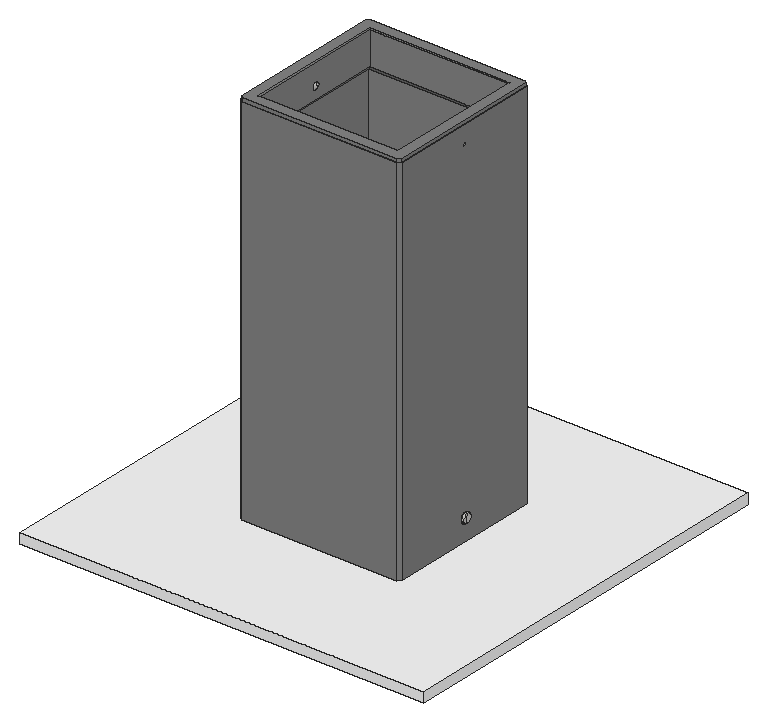
Revit family "BE_84000_de_DE", category Leuchten, Revit 2015
Parameters (values of type "BEGA_84000_Grafit")
  Default Elevation = 0 mm
  Umgebungstemperatur = ""
  URL = "http://www.bega.de/produkt/84000"
  Typenkommentare = "© 2017 BEGA. Wir behalten uns das Recht vor, technische Änderungen ohne vorherige Ankündigung vorzunehmen."  # constant formula
  Typenbild = 84000.png
  Sonderanfertigung = no
  Seriennummer [instance] = "Hier können Sie die eindeutige Seriennummer für das Facility Management eintragen."
  Schutzklasse = ""
  Schutzart = ""
  Scheinlast = 0 VA
  Produktdatenblatt = "http://www.bega.de/download/Xrfa/db/84000.db.de.pdf"
  Oberflächentemperatur = ""
  Modell = "84000"
  Material_18 = BEGA_Gummi_schwarz
  Material_17 = BEGA_Reflektor
  Material_11 = BEGA_Glas_opal
  Material_09 = BEGA_Glas_klar
  Material_06 = BEGA_Oberfläche_Edelstahl_gebürstet
  Material_03 = BEGA_Oberfläche_Weiss_matt
  Material_02 = BEGA_Oberfläche_Silber_matt
  Material_01 [instance] = BEGA_Oberfläche_Grafit_matt
  M_W = no
  M_G = yes
  M_A = no
  Logo = 0
  Leuchtenanzahl = ""
  Lastklassifizierung = Beleuchtung
  Hersteller = "BEGA"  # constant formula
  Halbstreuwinkel = ""
  Gewicht = "3.15 kg"
  Gebrauchslageneinschränkung [instance] = ""
  Erdstück = no
  Energieeffizienzklasse = ""
  ENEC = ""
  Dimmbar [instance] = ""
  CE_Konformität = "ja"
  Bestellnummer_Erdstück = if(Erdstück, "70895", "---")  # "---"
  Bestellnummer = "84000"
  Beschreibung_Sonderanfertigung = "Hier können Sie Informationen zur Sonderanfertigung eintragen."
  Beschreibung = "Pollerleuchtenrohr"
  Befestigungsbohrung = ""
  Befestigungsabstand = ""
  Ballwurfsicher = ""
  BEGA_Intern_aus = yes
  BEGA_Intern_an = yes
  BEGA_Intern_Konstruktion = yes
  BEGA_Intern = yes
  BEGA_IES = yes
  BEGA_Dummy = no
  Aktualisierung = "2017-01-27T04:13:58"
Types (2, lengths in mm): name | Modell | M_G | M_A | Bestellnummer
  BEGA_84000_Grafit | "84000" | yes | no | "84000"
  BEGA_84000_Silber | "84000A" | no | yes | "84000A"
Reference planes
  plane 1 "Mitte (Vorne/Hinten)": y = 0
  plane 2: z = 0
  plane 3 "Mitte (Links/Rechts)": x = 0
  plane 4 "Links": x = -80
  plane 5 "Rechts": x = 80
  plane 6 "Unten": y = -80
  plane 7 "Oben": y = 80
  plane 8 "Vorne": z = 375.25
  plane 9 "Hinten": z = 0
Forms (mm)
  Extrusion 1, solid, material "BEGA_Platte_Weiss"
    sketch origin (0, -1119.2, 0) x (1, 0, 0) y (0, 1, 0)
      loop
        line (-200, 1319.2) -> (-200, 919.2) -> (200, 919.2) -> (200, 1319.2) -> (-200, 1319.2)
    from 0 to -10
  Extrusion 2, solid, material "BEGA_Dummy_matt", visible <- "BEGA_Dummy"
    sketch origin (80.095, -76.023, 0) x (1, 0, 0) y (0, 1, 0)
      loop
        line (-160.095, 156.023) -> (-160.095, -3.977) -> (-0.095, -3.977) -> (-0.095, 156.023) -> (-160.095, 156.023)
    from 0 to 375.25
Dimensions and locks
  plane 1 "Mitte (Vorne/Hinten)" to Extrusion 1 = 200 mm
  aligned and locked: plane 2 to Extrusion 1
  aligned and locked: level to Extrusion 1
Nested families
  nested 1: "BE_84000_Pollerrohr" at (0, 0, 0), type "BE_84000_Pollerrohr"
Connectors
  electrical at (0, 0, 0), driven by "Lastklassifizierung", driven by "Scheinlast"
    settings: index 1, voltage 0 V, apparent load 0 VA, apparent load phase1 0 VA, apparent load phase2 0 VA, apparent load phase3 0 VA, power factor 1, load classification "Beleuchtung", number of poles 1, system type 31, power factor state 1, is connector primary yes, connector utility no, sub classification motor no, connector description ""
Definition of nested family "BE_84000_Pollerrohr"
  Parameters (values of type "BE_84000_Pollerrohr")
    Default Elevation = 1 mm
    URL = "http://www.bega.de/de/produkt"
    Type Comments = "© 2015 BEGA. Wir behalten uns das Recht vor, technische Änderungen ohne vorherige Ankündigung vorzunehmen. "  # constant formula
    Type Image = (empty or 0)
    Material_18 = none
    Material_17 = none
    Material_15 = none
    Material_11 = none
    Material_09 = none
    Material_06 = none
    Material_03 = none
    Material_02 = none
    Material_01 = none
    M_W = yes
    M_G = yes
    M_A = yes
    Länge_Platte = 200 mm  # constant formula
    Höhe_Platte = -10 mm  # constant formula
    Manufacturer = "BEGA"  # constant formula
    Breite_Platte = 200 mm  # constant formula
  Reference planes
    plane 1 "Mitte (Oben/Unten)": y = 0
    plane 2: z = 0
    plane 3 "Mitte (Links/Rechts)": x = 0
    plane 4: x = -80
    plane 5: z = 375.25
    plane 6: x = 80
    plane 7: y = -80
    plane 8: y = 80
  Forms (mm)
    Extrusion 1, solid, detail levels medium
      sketch origin (0, 0, 0) x (1, 0, 0) y (0, 1, 0)
        loop
          line (-100, 100) -> (-100, -100) -> (100, -100) -> (100, 100) -> (-100, 100)
      from 0 to -10 <- "Höhe_Platte"
    Sweep 2, solid, material <- "Material_01", visible <- "M_G", detail levels medium+fine
      path origin (0, 0, 0) x (1, 0, 0) y (0, 1, 0)
        loop
          line (-80, -80) -> (80, -80) -> (80, 80) -> (-80, 80) -> (-80, -80)
      profile origin (-80, 0, 0) x (-1, 0, 0) y (0, 0, 1)
        loop
          line (0, 2.25) -> (0, 372.25) -> (-2.5, 372.25) -> (-2.5, 2.25) -> (0, 2.25)
    Revolve 3, solid, material <- "Material_01", visible <- "M_G", detail levels medium+fine
      sketch origin (0, 0, 0) x (1, 0, 0) y (0, 0, 1)
        loop
          line (-76, 0) -> (0, 0) -> (0, 5.5) -> (-76, 5.5) -> (-76, 0)
        axis (0, 5.5) -> (0, 0)
      angle from 0 to 360
    Extrusion 4, void
      sketch origin (0, 0, 0) x (1, 0, 0) y (0, 1, 0)
        loop
          arc (37.007, 10.621) -> (32.676, 13.011) -> (30.28, 8.683) r 3.5
          arc (30.28, 8.683) -> (31.501, 0.001) -> (30.281, -8.682) r 31.5
          arc (30.281, -8.682) -> (32.683, -13.012) -> (37.011, -10.606) r 3.5
          arc (37.011, -10.606) -> (38.501, 0.008) -> (37.007, 10.621) r 38.5
        loop
          arc (-7.62, 30.564) -> (-5.071, 34.807) -> (-9.314, 37.357) r 3.5
          arc (-9.314, 37.357) -> (-19.25, 33.342) -> (-27.694, 26.744) r 38.5
          arc (-27.694, 26.744) -> (-27.608, 21.795) -> (-22.659, 21.882) r 3.5
          arc (-22.659, 21.882) -> (-15.75, 27.28) -> (-7.62, 30.564) r 31.5
        loop
          arc (-22.655, -21.885) -> (-27.603, -21.791) -> (-27.698, -26.739) r 3.5
          arc (-27.698, -26.739) -> (-19.247, -33.343) -> (-9.301, -37.359) r 38.5
          arc (-9.301, -37.359) -> (-5.069, -34.801) -> (-7.619, -30.564) r 3.5
          arc (-7.619, -30.564) -> (-15.747, -27.281) -> (-22.655, -21.885) r 31.5
        loop
          arc (-52.386, 15.021) -> (-54.497, 0.004) -> (-52.388, -15.014) r 54.493
          arc (-52.388, -15.014) -> (-46.83, -18.105) -> (-43.744, -12.544) r 4.495
          arc (-43.744, -12.544) -> (-45.507, -0.001) -> (-43.745, 12.543) r 45.516
          arc (-43.745, 12.543) -> (-46.826, 18.102) -> (-52.386, 15.021) r 4.495
        loop
          arc (32.736, 31.613) -> (39.091, 31.504) -> (39.201, 37.859) r 4.495
          arc (39.201, 37.859) -> (27.254, 47.193) -> (13.199, 52.875) r 54.493
          arc (13.199, 52.875) -> (7.738, 49.612) -> (11.01, 44.157) r 4.494
          arc (11.01, 44.157) -> (22.754, 39.411) -> (32.736, 31.613) r 45.516
        loop
          arc (11.011, -44.156) -> (7.737, -49.605) -> (13.186, -52.878) r 4.495
          arc (13.186, -52.878) -> (27.246, -47.198) -> (39.197, -37.863) r 54.493
          arc (39.197, -37.863) -> (39.096, -31.505) -> (32.737, -31.612) r 4.495
          arc (32.737, -31.612) -> (22.755, -39.411) -> (11.011, -44.156) r 45.516
      from 0 to 8.204
    Extrusion 5, solid, material <- "Material_01", visible <- "M_G", detail levels medium+fine
      sketch origin (0, 0, 0) x (1, 0, 0) y (0, 1, 0)
        loop
          line (-77.5, -77.5) -> (77.5, -77.5) -> (77.5, 77.5) -> (-77.5, 77.5) -> (-77.5, -77.5)
        loop
          circle (0, 0) r 76
      from 5.5 to 10
    Extrusion 6, void
      sketch origin (0, 0, 0) x (1, 0, 0) y (0, 1, 0)
        loop
          line (80.489, 80.398) -> (76.42, 80.398) -> (80.489, 76.329) -> (80.489, 80.398)
        loop
          line (-80.489, 80.398) -> (-80.489, 76.329) -> (-76.42, 80.398) -> (-80.489, 80.398)
        loop
          line (80.489, -80.398) -> (80.489, -76.329) -> (76.42, -80.398) -> (80.489, -80.398)
        loop
          line (-80.489, -80.398) -> (-76.42, -80.398) -> (-80.489, -76.329) -> (-80.489, -80.398)
      from 0 to 380
    Sweep 7, solid, material <- "Material_01", visible <- "M_G", detail levels medium+fine
      path origin (0, 0, 0) x (1, 0, 0) y (0, 1, 0)
        loop
          line (-80, 80) -> (-80, -80) -> (80, -80) -> (80, 80) -> (-80, 80)
      profile origin (-80, 0, 0) x (1, 0, 0) y (0, 0, 1)
        loop
          line (1, 372.25) -> (2.75, 372.25) -> (2.75, 335.75) -> (6.5, 335.75) -> (12.681, 341.931) -> (11.567, 373.82)
          arc (11.567, 373.82) -> (11.377, 374.605) -> (10.892, 375.25) r 2
          line (10.892, 375.25) -> (1, 375.25) -> (1, 372.25)
    Extrusion 8, void
      sketch origin (0, 0, 0) x (1, 0, 0) y (0, 1, 0)
        loop
          line (-76.464, 79) -> (-79, 79) -> (-79, 76.464) -> (-76.464, 79)
        loop
          line (76.464, 79) -> (79, 76.464) -> (79, 79) -> (76.464, 79)
        loop
          line (-76.464, -79) -> (-79, -76.464) -> (-79, -79) -> (-76.464, -79)
        loop
          line (76.464, -79) -> (79, -79) -> (79, -76.464) -> (76.464, -79)
      from 372.25 to 380
    Revolve 9, void
      sketch origin (0, 0, 0) x (1, 0, 0) y (0, 0, 1)
        loop
          line (73.928, 29.5) -> (73.928, 24.25) -> (80.728, 24.25) -> (80.728, 29.5) -> (73.928, 29.5)
        axis (73.928, 24.25) -> (80.728, 24.25)
      angle from 0 to 360
    Revolve 10, solid, material <- "Material_06", detail levels fine
      sketch origin (0, 0, 0) x (1, 0, 0) y (0, 0, 1)
        loop
          line (81.58, 29.25) -> (73.265, 29.25) -> (73.265, 24.25) -> (82.5, 24.25) -> (82.5, 28.33) -> (81.58, 29.25)
        axis (73.265, 24.25) -> (82.5, 24.25)
      angle from 0 to 360
    Revolve 11, void
      sketch origin (0, 0, 0) x (1, 0, 0) y (0, 0, 1)
        loop
          line (80.356, 356.75) -> (72.651, 356.75) -> (72.651, 354.75) -> (80.356, 354.75) -> (80.356, 356.75)
        axis (72.651, 354.75) -> (80.356, 354.75)
      angle from 0 to 360
    Revolve 12, void
      sketch origin (0, 0, 0) x (-1, 0, 0) y (0, 0, 1)
        loop
          line (80.356, 356.75) -> (72.929, 356.75) -> (72.929, 354.75) -> (80.356, 354.75) -> (80.356, 356.75)
        axis (72.929, 354.75) -> (80.356, 354.75)
      angle from 0 to 360
    Revolve 13, solid, material <- "Material_02", visible <- "M_A", detail levels medium+fine
      sketch origin (0, 0, 0) x (1, 0, 0) y (0, 0, 1)
        loop
          line (-76, 0) -> (0, 0) -> (0, 5.5) -> (-76, 5.5) -> (-76, 0)
        axis (0, 5.5) -> (0, 0)
      angle from 0 to 360
    Extrusion 14, solid, material <- "Material_02", visible <- "M_A", detail levels medium+fine
      sketch origin (0, 0, 0) x (1, 0, 0) y (0, 1, 0)
        loop
          line (-77.5, -77.5) -> (77.5, -77.5) -> (77.5, 77.5) -> (-77.5, 77.5) -> (-77.5, -77.5)
        loop
          circle (0, 0) r 76
      from 5.5 to 10
    Sweep 15, solid, material <- "Material_02", visible <- "M_A", detail levels medium+fine
      path origin (0, 0, 0) x (1, 0, 0) y (0, 1, 0)
        loop
          line (-80, -80) -> (80, -80) -> (80, 80) -> (-80, 80) -> (-80, -80)
      profile origin (-80, 0, 0) x (-1, 0, 0) y (0, 0, 1)
        loop
          line (0, 2.25) -> (0, 372.25) -> (-2.5, 372.25) -> (-2.5, 2.25) -> (0, 2.25)
    Sweep 16, solid, material <- "Material_02", visible <- "M_A", detail levels medium+fine
      path origin (0, 0, 0) x (1, 0, 0) y (0, 1, 0)
        loop
          line (-80, 80) -> (-80, -80) -> (80, -80) -> (80, 80) -> (-80, 80)
      profile origin (-80, 0, 0) x (1, 0, 0) y (0, 0, 1)
        loop
          line (1, 372.25) -> (2.75, 372.25) -> (2.75, 335.75) -> (6.5, 335.75) -> (12.681, 341.931) -> (11.567, 373.82)
          arc (11.567, 373.82) -> (11.377, 374.605) -> (10.892, 375.25) r 2
          line (10.892, 375.25) -> (1, 375.25) -> (1, 372.25)
    Revolve 17, solid, material <- "Material_06", detail levels fine
      sketch origin (0, 0, 0) x (1, 0, 0) y (0, 0, 1)
        loop
          line (-65.461, 354.75) -> (-67.28, 357.9) -> (-75.75, 357.9) -> (-75.75, 354.75) -> (-65.461, 354.75)
        axis (-75.75, 354.75) -> (-65.461, 354.75)
      angle from 0 to 360
    Revolve 18, solid, material <- "Material_06", detail levels fine
      sketch origin (0, 0, 0) x (-1, 0, 0) y (0, 0, 1)
        loop
          line (-65.461, 354.75) -> (-67.28, 357.9) -> (-75.75, 357.9) -> (-75.75, 354.75) -> (-65.461, 354.75)
        axis (-75.75, 354.75) -> (-65.461, 354.75)
      angle from 0 to 360
  Cuts and joins
    Extrusion 4 cuts Revolve 3
    joined: Revolve 3, Extrusion 5
    Extrusion 6, Extrusion 8, Revolve 9, Revolve 11, Revolve 12 cuts Sweep 2
    Extrusion 8, Revolve 9, Revolve 11, Revolve 12 cuts Sweep 7
    joined: Sweep 2, Sweep 7
    Extrusion 4 cuts Revolve 13
    joined: Revolve 13, Extrusion 14
    Extrusion 6, Revolve 9, Revolve 11, Revolve 12 cuts Sweep 15
    Extrusion 8, Revolve 11, Revolve 12 cuts Sweep 16
    joined: Sweep 15, Sweep 16
  Dimensions and locks
    equal spacing: Extrusion 1 sketch curve, plane 3 "Mitte (Links/Rechts)", Extrusion 1 sketch curve
    equal spacing: Extrusion 1 sketch curve, plane 1 "Mitte (Oben/Unten)", Extrusion 1 sketch curve
    "Länge_Platte": Extrusion 1 sketch curve to Extrusion 1 sketch curve
    "Breite_Platte": Extrusion 1 sketch curve to Extrusion 1 sketch curve
    aligned and locked: Extrusion 1 to plane 2
    aligned and locked: level to Extrusion 1
  Automatic sketch dimensions
    Sweep 2 sketch curve to plane 4 = 0 mm
    Sweep 2 sketch curve to plane 6 = 0 mm
    Sweep 2 sketch curve to plane 7 = 0 mm
    plane 8 to Sweep 2 sketch curve = 0 mm
    Sweep 2 sketch curve to profile plane = 0 mm
    Sweep 2 sketch curve to Sweep 2 sketch curve = 2.5 mm
    level to Sweep 2 sketch curve = 2.25 mm
    Sweep 2 sketch curve to Sweep 2 sketch curve = 370 mm
    Revolve 3 sketch curve to level = 0 mm  (x2)
    Revolve 3 sketch curve to plane 3 "Mitte (Links/Rechts)" = 0 mm  (x2)
    plane 4 to Revolve 3 sketch curve = 4 mm
    Revolve 3 sketch curve to Revolve 3 sketch curve = 5.5 mm
    Revolve 3 sketch curve to Revolve 3 sketch curve = 0 mm
    Extrusion 4 sketch curve to plane 1 "Mitte (Oben/Unten)" = 13.782 mm
    plane 4 to Extrusion 4 sketch curve = 31.935 mm
    Extrusion 4 sketch curve to Extrusion 4 sketch curve = 0 mm  (x34)
    Extrusion 4 sketch curve to plane 3 "Mitte (Links/Rechts)" = 25.177 mm
    Extrusion 4 sketch curve to plane 3 "Mitte (Links/Rechts)" = 25.176 mm
    Extrusion 4 sketch curve to plane 3 "Mitte (Links/Rechts)" = 8.467 mm
    Extrusion 4 sketch curve to plane 3 "Mitte (Links/Rechts)" = 8.466 mm
    Extrusion 4 sketch curve to plane 1 "Mitte (Oben/Unten)" = 0 mm  (x3)
    Extrusion 4 sketch curve to plane 3 "Mitte (Links/Rechts)" = 0.004 mm
    Extrusion 4 sketch curve to plane 3 "Mitte (Links/Rechts)" = 0.003 mm  (x2)
    plane 3 "Mitte (Links/Rechts)" to Extrusion 4 sketch curve = 0.001 mm
    plane 3 "Mitte (Links/Rechts)" to Extrusion 4 sketch curve = 0.003 mm
    plane 3 "Mitte (Links/Rechts)" to Extrusion 4 sketch curve = 0.004 mm
    Extrusion 4 sketch curve to Extrusion 4 sketch curve = 0.005 mm
    plane 3 "Mitte (Links/Rechts)" to Extrusion 4 sketch curve = 12.097 mm
    plane 3 "Mitte (Links/Rechts)" to Extrusion 4 sketch curve = 12.098 mm
    Extrusion 4 sketch curve to plane 1 "Mitte (Oben/Unten)" = 9.648 mm
    plane 3 "Mitte (Links/Rechts)" to Extrusion 4 sketch curve = 33.645 mm
    plane 1 "Mitte (Oben/Unten)" to Extrusion 4 sketch curve = 9.647 mm
    Extrusion 4 sketch curve to Extrusion 4 sketch curve = 2.324 mm
    Extrusion 4 sketch curve to Extrusion 4 sketch curve = 2.325 mm
    plane 1 "Mitte (Oben/Unten)" to Extrusion 4 sketch curve = 13.783 mm
    plane 1 "Mitte (Oben/Unten)" to Extrusion 4 sketch curve = 24.313 mm
    Extrusion 4 sketch curve to Extrusion 4 sketch curve = 9.647 mm
    Extrusion 4 sketch curve to Extrusion 4 sketch curve = 25.088 mm  (x2)
    Extrusion 4 sketch curve to Extrusion 4 sketch curve = 14.557 mm  (x2)
    plane 1 "Mitte (Oben/Unten)" to Extrusion 4 sketch curve = 0.007 mm
    plane 1 "Mitte (Oben/Unten)" to Extrusion 4 sketch curve = 0.004 mm
    Extrusion 4 sketch curve to plane 1 "Mitte (Oben/Unten)" = 0.003 mm
    Extrusion 4 sketch curve to Extrusion 4 sketch curve = 0.007 mm
    Extrusion 4 sketch curve to plane 1 "Mitte (Oben/Unten)" = 24.313 mm
    Extrusion 4 sketch curve to Extrusion 4 sketch curve = 9.648 mm
    Extrusion 4 sketch curve to Extrusion 4 sketch curve = 4.32 mm  (x3)
    Extrusion 4 sketch curve to Extrusion 4 sketch curve = 4.323 mm
    Extrusion 4 sketch curve to Extrusion 4 sketch curve = 2.523 mm
    Extrusion 4 sketch curve to Extrusion 4 sketch curve = 2.518 mm  (x2)
    Extrusion 4 sketch curve to Extrusion 4 sketch curve = 2.521 mm
    Extrusion 4 sketch curve to Extrusion 4 sketch curve = 0.847 mm  (x3)
    Extrusion 4 sketch curve to Extrusion 4 sketch curve = 0.835 mm
    Extrusion 4 sketch curve to Extrusion 4 sketch curve = 1.088 mm
    Extrusion 4 sketch curve to Extrusion 4 sketch curve = 1.087 mm  (x2)
    Extrusion 4 sketch curve to Extrusion 4 sketch curve = 1.102 mm
    Extrusion 4 sketch curve to Extrusion 4 sketch curve = 3.364 mm  (x2)
    Extrusion 4 sketch curve to Extrusion 4 sketch curve = 3.233 mm  (x2)
    Extrusion 4 sketch curve to Extrusion 4 sketch curve = 0.001 mm  (x2)
    Extrusion 4 sketch curve to Extrusion 4 sketch curve = 3.362 mm
    Extrusion 4 sketch curve to Extrusion 4 sketch curve = 3.366 mm
    Extrusion 4 sketch curve to Extrusion 4 sketch curve = 3.226 mm
    Extrusion 4 sketch curve to Extrusion 4 sketch curve = 3.232 mm
    Extrusion 4 sketch curve to Extrusion 4 sketch curve = 0.959 mm
    Extrusion 4 sketch curve to Extrusion 4 sketch curve = 1.239 mm
    Extrusion 4 sketch curve to Extrusion 4 sketch curve = 2.428 mm
    Extrusion 4 sketch curve to Extrusion 4 sketch curve = 3.122 mm
    Extrusion 4 sketch curve to Extrusion 4 sketch curve = 2.431 mm
    Extrusion 4 sketch curve to Extrusion 4 sketch curve = 3.123 mm
    Extrusion 5 sketch curve to Extrusion 5 sketch curve = 0 mm  (x2)
    plane 1 "Mitte (Oben/Unten)" to Extrusion 5 sketch curve = 0 mm
    Extrusion 5 sketch curve to plane 3 "Mitte (Links/Rechts)" = 0 mm
    plane 4 to Extrusion 5 sketch curve = 2.5 mm
    plane 6 to Extrusion 5 sketch curve = 2.5 mm
    plane 7 to Extrusion 5 sketch curve = 2.5 mm
    plane 8 to Extrusion 5 sketch curve = 2.5 mm
    plane 4 to Extrusion 5 sketch curve = 4 mm
    Extrusion 6 sketch curve to plane 4 = 0.489 mm  (x2)
    Extrusion 6 sketch curve to plane 8 = 0.398 mm  (x2)
    plane 4 to Extrusion 6 sketch curve = 3.58 mm  (x2)
    Extrusion 6 sketch curve to plane 7 = 0.398 mm  (x2)
    plane 6 to Extrusion 6 sketch curve = 3.58 mm  (x2)
    Extrusion 6 sketch curve to plane 6 = 0.489 mm  (x2)
    plane 7 to Extrusion 6 sketch curve = 3.671 mm  (x2)
    plane 8 to Extrusion 6 sketch curve = 3.671 mm  (x2)
    Sweep 7 sketch curve to plane 4 = 0 mm
    Sweep 7 sketch curve to plane 6 = 0 mm
    Sweep 7 sketch curve to plane 7 = 0 mm
    Sweep 7 sketch curve to plane 8 = 0 mm
    Sweep 7 sketch curve to profile plane = 1 mm
    Sweep 7 sketch curve to Sweep 7 sketch curve = 1.75 mm
    Sweep 7 sketch curve to Sweep 7 sketch curve = 3.75 mm
    Sweep 7 sketch curve to Sweep 7 sketch curve = 6.819 mm
    Sweep 7 sketch curve to Sweep 7 sketch curve = 1.323 mm
    Sweep 7 sketch curve to Sweep 7 sketch curve = 6.181 mm  (x2)
    level to Sweep 7 sketch curve = 335.75 mm
    Sweep 7 sketch curve to Sweep 7 sketch curve = 30.319 mm
    Sweep 7 sketch curve to Sweep 7 sketch curve = 1.5 mm
    Sweep 7 sketch curve to Sweep 7 sketch curve = 3 mm
    Sweep 7 sketch curve to Sweep 7 sketch curve = 0.676 mm
    Sweep 7 sketch curve to Sweep 7 sketch curve = 0 mm  (x2)
    plane 4 to Extrusion 8 sketch curve = 1 mm  (x2)
    plane 7 to Extrusion 8 sketch curve = 1 mm  (x2)
    Extrusion 8 sketch curve to Extrusion 8 sketch curve = 2.536 mm  (x6)
    plane 8 to Extrusion 8 sketch curve = 1 mm  (x2)
    plane 6 to Extrusion 8 sketch curve = 3.536 mm  (x2)
    plane 6 to Extrusion 8 sketch curve = 1 mm  (x2)
    plane 6 to Revolve 9 sketch curve = 6.072 mm
    Revolve 9 sketch curve to plane 6 = 0.728 mm
    level to Revolve 9 sketch curve = 24.25 mm
    Revolve 9 sketch curve to Revolve 9 sketch curve = 5.25 mm
    Revolve 9 sketch curve to Revolve 9 sketch curve = 0 mm  (x3)
    plane 6 to Revolve 10 sketch curve = 6.735 mm
    Revolve 10 sketch curve to plane 6 = 1.58 mm
    Revolve 10 sketch curve to Revolve 10 sketch curve = 0.92 mm
    level to Revolve 10 sketch curve = 24.25 mm
    Revolve 10 sketch curve to Revolve 10 sketch curve = 4.08 mm
    Revolve 10 sketch curve to Revolve 10 sketch curve = 5 mm
    Revolve 10 sketch curve to Revolve 10 sketch curve = 0 mm  (x3)
    plane 6 to Revolve 11 sketch curve = 7.349 mm
    Revolve 11 sketch curve to plane 6 = 0.356 mm
    Revolve 11 sketch curve to plane 5 = 20.5 mm
    Revolve 11 sketch curve to Revolve 11 sketch curve = 2 mm
    Revolve 11 sketch curve to Revolve 11 sketch curve = 4.43 mm
    Revolve 11 sketch curve to Revolve 11 sketch curve = 0 mm  (x2)
    plane 4 to Revolve 12 sketch curve = 7.071 mm
    Revolve 12 sketch curve to plane 4 = 0.356 mm
    Revolve 12 sketch curve to plane 5 = 20.5 mm
    Revolve 12 sketch curve to Revolve 12 sketch curve = 2 mm
    Revolve 12 sketch curve to Revolve 12 sketch curve = 4.152 mm
    Revolve 12 sketch curve to Revolve 12 sketch curve = 0 mm  (x2)
    Revolve 13 sketch curve to level = 0 mm  (x2)
    Revolve 13 sketch curve to plane 3 "Mitte (Links/Rechts)" = 0 mm  (x2)
    plane 4 to Revolve 13 sketch curve = 4 mm
    Revolve 13 sketch curve to Revolve 13 sketch curve = 5.5 mm
    Revolve 13 sketch curve to Revolve 13 sketch curve = 0 mm
    Extrusion 14 sketch curve to Extrusion 14 sketch curve = 0 mm  (x2)
    plane 1 "Mitte (Oben/Unten)" to Extrusion 14 sketch curve = 0 mm
    Extrusion 14 sketch curve to plane 3 "Mitte (Links/Rechts)" = 0 mm
    plane 4 to Extrusion 14 sketch curve = 2.5 mm
    plane 6 to Extrusion 14 sketch curve = 2.5 mm
    plane 7 to Extrusion 14 sketch curve = 2.5 mm
    plane 8 to Extrusion 14 sketch curve = 2.5 mm
    plane 4 to Extrusion 14 sketch curve = 4 mm
    Sweep 15 sketch curve to plane 4 = 0 mm
    Sweep 15 sketch curve to plane 6 = 0 mm
    Sweep 15 sketch curve to plane 7 = 0 mm
    plane 8 to Sweep 15 sketch curve = 0 mm
    Sweep 15 sketch curve to profile plane = 0 mm
    Sweep 15 sketch curve to Sweep 15 sketch curve = 2.5 mm
    level to Sweep 15 sketch curve = 2.25 mm
    Sweep 15 sketch curve to Sweep 15 sketch curve = 370 mm
    Sweep 16 sketch curve to plane 4 = 0 mm
    Sweep 16 sketch curve to plane 6 = 0 mm
    Sweep 16 sketch curve to plane 7 = 0 mm
    Sweep 16 sketch curve to plane 8 = 0 mm
    Sweep 16 sketch curve to profile plane = 1 mm
    Sweep 16 sketch curve to Sweep 16 sketch curve = 1.75 mm
    Sweep 16 sketch curve to Sweep 16 sketch curve = 3.75 mm
    Sweep 16 sketch curve to Sweep 16 sketch curve = 6.819 mm
    Sweep 16 sketch curve to Sweep 16 sketch curve = 1.323 mm
    Sweep 16 sketch curve to Sweep 16 sketch curve = 6.181 mm  (x2)
    level to Sweep 16 sketch curve = 335.75 mm
    Sweep 16 sketch curve to Sweep 16 sketch curve = 30.319 mm
    Sweep 16 sketch curve to Sweep 16 sketch curve = 1.5 mm
    Sweep 16 sketch curve to Sweep 16 sketch curve = 3 mm
    Sweep 16 sketch curve to Sweep 16 sketch curve = 0.676 mm
    Sweep 16 sketch curve to Sweep 16 sketch curve = 0 mm  (x2)
    plane 4 to Revolve 17 sketch curve = 4.25 mm
    Revolve 17 sketch curve to Revolve 17 sketch curve = 8.47 mm
    Revolve 17 sketch curve to Revolve 17 sketch curve = 1.819 mm
    Revolve 17 sketch curve to plane 5 = 20.5 mm
    Revolve 17 sketch curve to Revolve 17 sketch curve = 3.15 mm
    Revolve 17 sketch curve to Revolve 17 sketch curve = 0 mm  (x3)
    Revolve 18 sketch curve to plane 6 = 4.25 mm
    Revolve 18 sketch curve to Revolve 18 sketch curve = 8.47 mm
    Revolve 18 sketch curve to Revolve 18 sketch curve = 1.819 mm
    plane 5 to Revolve 18 sketch curve = 20.5 mm
    Revolve 18 sketch curve to Revolve 18 sketch curve = 3.15 mm
    Revolve 18 sketch curve to Revolve 18 sketch curve = 0 mm  (x3)
